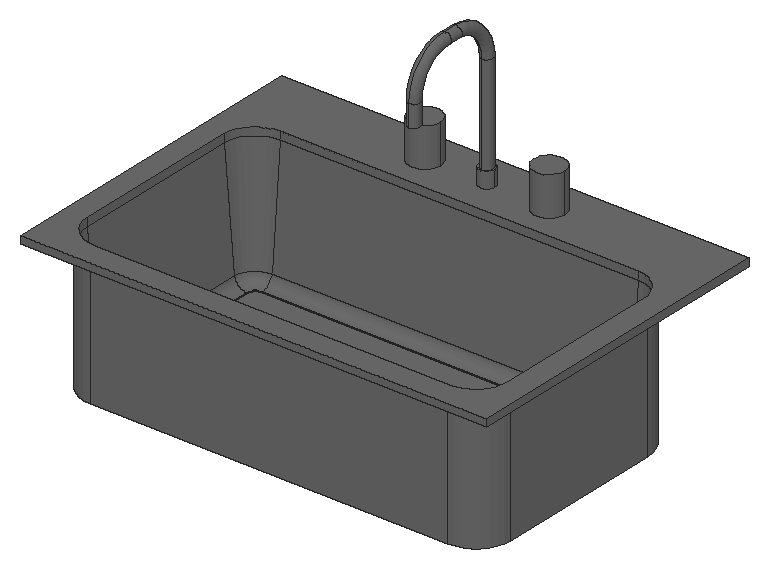
Revit family "d4e8507edf1f43c9aadaccae7ca72e8b", category Plumbing Fixtures, Revit 2021
Family settings
  Round Connector Dimension = Use Diameter
  Part Type = Normal
  OmniClass Number = 23.45.05.14.14
  OmniClass Title = Sinks/Lavatories
  Seek Item ID = Sink Kitchen-Single-0000-USA-ENU
  Work Plane-Based = No
  Always vertical = Yes
  Cut with Voids When Loaded = No
  Shared = Yes
  Room Calculation Point = No
Parameters (values of type "30" x 21"")
  Default Elevation = 0' - 0"
  Assembly Code = "D2010410"
  Counter Height = 3' - 0"
  Depth = 1' - 9"
  Faucet Material = Steel, Polished
  Sink Material = Steel, Polished
  Width = 2' - 6"
Reference planes (in)
  plane 1 "Center (Front/Back)": y = 0.09234
  plane 2: z = 0
  plane 3 "Center (Left/Right)": x = 0.61769
  plane 4: y = 10.59234
  plane 5: y = -10.40766
  plane 6: x = -14.38231
  plane 7: x = 15.61769
  plane 8 "Top Of Counter": z = 36
  plane 9: z = 36.5
  plane 10: z = 27.5
  plane 11: y = 6.09234
  plane 12: x = -12.88231
  plane 13: y = -8.90766
  plane 14: x = 14.11769
  plane 15: x = -3.38231
  plane 16: x = 4.61769
  plane 17: y = 8.34234
  plane 18: y = 8.34234
  plane 19: y = 8.34234
  plane 20: z = 46.375
  plane 21: y = 2.46734
  plane 22: z = 39
  plane 23: z = 37.5
Forms (in)
  Extrusion 1, solid, material "Steel, Polished" <- "Sink Material"
    sketch origin (0, 0, 0) x (1, 0, 0) y (0, 1, 0)
      loop
        line (-14.38231, 10.59234) -> (-14.38231, -10.40766) -> (15.61769, -10.40766) -> (15.61769, 10.59234) -> (-14.38231, 10.59234)
      loop
        arc (-10.88231, 6.09234) -> (-12.29653, 5.50655) -> (-12.88231, 4.09234) r 2
        line (-12.88231, 4.09234) -> (-12.88231, -6.90766)
        arc (-12.88231, -6.90766) -> (-12.29653, -8.32187) -> (-10.88231, -8.90766) r 2
        line (-10.88231, -8.90766) -> (12.11769, -8.90766)
        arc (12.11769, -8.90766) -> (13.5319, -8.32187) -> (14.11769, -6.90766) r 2
        line (14.11769, -6.90766) -> (14.11769, 4.09234)
        arc (14.11769, 4.09234) -> (13.5319, 5.50655) -> (12.11769, 6.09234) r 2
        line (12.11769, 6.09234) -> (-10.88231, 6.09234)
    from 36 to 36.5
  Sweep 2, solid, material "Steel, Polished" <- "Sink Material"
    path origin (0, 0, 0) x (1, 0, 0) y (0, 1, 0)
      loop
        arc (-10.88231, 6.09234) -> (-12.29653, 5.50655) -> (-12.88231, 4.09234) r 2
        line (-12.88231, 4.09234) -> (-12.88231, -6.90766)
        arc (-12.88231, -6.90766) -> (-12.29653, -8.32187) -> (-10.88231, -8.90766) r 2
        line (-10.88231, -8.90766) -> (12.11769, -8.90766)
        arc (12.11769, -8.90766) -> (13.5319, -8.32187) -> (14.11769, -6.90766) r 2
        line (14.11769, -6.90766) -> (14.11769, 4.09234)
        arc (14.11769, 4.09234) -> (13.5319, 5.50655) -> (12.11769, 6.09234) r 2
        line (12.11769, 6.09234) -> (-10.88231, 6.09234)
    profile origin (0.61769, 0, 0) x (0, 1, 0) y (0, 0, 1)
      loop
        line (6.09234, 36) -> (5.44139, 28.55963)
        arc (5.44139, 28.55963) -> (5.20094, 28.07204) -> (4.69424, 27.875) r 0.75
        line (4.69424, 27.875) -> (4.59234, 27.875) -> (4.59234, 27.5) -> (6.34234, 27.5) -> (6.34234, 36) -> (6.09234, 36)
  Extrusion 3, solid, material "Steel, Polished" <- "Sink Material"
    sketch origin (0, 0, 0) x (1, 0, 0) y (0, 1, 0)
      loop
        arc (-10.88231, 4.59234) -> (-11.23587, 4.44589) -> (-11.38231, 4.09234) r 0.5
        line (-11.38231, 4.09234) -> (-11.38231, -6.90766)
        arc (-11.38231, -6.90766) -> (-11.23587, -7.26121) -> (-10.88231, -7.40766) r 0.5
        line (-10.88231, -7.40766) -> (12.11769, -7.40766)
        arc (12.11769, -7.40766) -> (12.47124, -7.26121) -> (12.61769, -6.90766) r 0.5
        line (12.61769, -6.90766) -> (12.61769, 4.09234)
        arc (12.61769, 4.09234) -> (12.47124, 4.44589) -> (12.11769, 4.59234) r 0.5
        line (12.11769, 4.59234) -> (-10.88231, 4.59234)
      loop
        circle (0.61769, 0) r 1
    from 27.5 to 27.875
  Extrusion 4, solid, material "Steel, Polished" <- "Faucet Material"
    sketch origin (0, 0, 0) x (1, 0, 0) y (0, 1, 0)
      loop
        circle (-3.38231, 8.34234) r 1
      loop
        circle (4.61769, 8.34234) r 1
    from 36.5 to 39
  Sweep 5, solid, material "Steel, Polished" <- "Faucet Material"
    path origin (0.61769, 0, 0) x (0, 1, 0) y (0, 0, 1)
      loop
        line (8.34234, 36.5) -> (8.34234, 43.875)
        arc (8.34234, 43.875) -> (7.61011, 45.64277) -> (5.84234, 46.375) r 2.5
        line (5.84234, 46.375) -> (4.96734, 46.375)
        arc (4.96734, 46.375) -> (3.19957, 45.64277) -> (2.46734, 43.875) r 2.5
        line (2.46734, 43.875) -> (2.46734, 42.5)
    profile origin (0.61769, 0, 40.1875) x (0, -1, 0) y (1, 0, 0)
      loop
        circle (-8.34234, 0) r 0.375
  Extrusion 6, solid, material "Steel, Polished" <- "Faucet Material"
    sketch origin (0, 0, 0) x (1, 0, 0) y (0, 1, 0)
      loop
        circle (0.61769, 8.34234) r 0.5
    from 36.5 to 37.5
Cuts and joins
  joined: Sweep 5, Extrusion 6
  joined: Extrusion 1, Sweep 2
Lines and regions (in)
  Masking region 1
    outline origin (0, 0, 36) x (0, -1, 0) y (1, 0, 0)
      loop
        line (-10.59234, -14.38231) -> (10.40766, -14.38231) -> (10.40766, 15.61769) -> (-10.59234, 15.61769) -> (-10.59234, -14.38231)
  symbolic lines
    curve 1: arc (1.61769, 0, 36) -> (0.61769, 1, 36) -> (-0.38231, 0, 36) r 1
    curve 2: arc (-0.38231, 0, 36) -> (0.61769, -1, 36) -> (1.61769, 0, 36) r 1
    curve 3: line (-12.88231, 4.09234, 36) -> (-12.88231, -6.90766, 36)
    curve 4: line (-10.88231, -8.90766, 36) -> (12.11769, -8.90766, 36)
    curve 5: line (14.11769, -6.90766, 36) -> (14.11769, 4.09234, 36)
    curve 6: line (12.11769, 6.09234, 36) -> (1.11769, 6.09234, 36)
    curve 7: arc (14.11769, 4.09234, 36) -> (13.5319, 5.50655, 36) -> (12.11769, 6.09234, 36) r 2
    curve 8: arc (12.11769, -8.90766, 36) -> (13.5319, -8.32187, 36) -> (14.11769, -6.90766, 36) r 2
    curve 9: arc (-12.88231, -6.90766, 36) -> (-12.29653, -8.32187, 36) -> (-10.88231, -8.90766, 36) r 2
    curve 10: arc (-10.88231, 6.09234, 36) -> (-12.29653, 5.50655, 36) -> (-12.88231, 4.09234, 36) r 2
    curve 11: arc (1.11769, 8.34234, 36) -> (0.61769, 8.84234, 36) -> (0.11769, 8.34234, 36) r 0.5
    curve 12: line (0.11769, 8.34234, 36) -> (0.11769, 2.09234, 36)
    curve 13: line (1.11769, 8.34234, 36) -> (1.11769, 2.09234, 36)
    curve 14: arc (1.11769, 2.09234, 36) -> (0.61769, 1.59234, 36) -> (0.11769, 2.09234, 36) r 0.5
    curve 15: line (0.11769, 6.09234, 36) -> (-10.88231, 6.09234, 36)
    curve 16: arc (-2.38231, 8.34234, 36) -> (-3.38231, 9.34234, 36) -> (-4.38231, 8.34234, 36) r 1
    curve 17: arc (-4.38231, 8.34234, 36) -> (-3.38231, 7.34234, 36) -> (-2.38231, 8.34234, 36) r 1
    curve 18: arc (5.61769, 8.34234, 36) -> (4.61769, 9.34234, 36) -> (3.61769, 8.34234, 36) r 1
    curve 19: arc (3.61769, 8.34234, 36) -> (4.61769, 7.34234, 36) -> (5.61769, 8.34234, 36) r 1
Dimensions and locks (in)
  equal spacing: plane 6, plane 3 "Center (Left/Right)", plane 7
  "Width": plane 6 to plane 7
  equal spacing: plane 5, plane 1 "Center (Front/Back)", plane 4
  "Depth": plane 5 to plane 4
  "Counter Height": plane 8 "Top Of Counter" to plane 2
  locked: plane 9 to plane 8 "Top Of Counter" at 0.5
  locked: plane 8 "Top Of Counter" to plane 10 at 8.5
  locked: plane 6 to plane 12 at 1.5
  locked: plane 14 to plane 7 at 1.5
  locked: plane 11 to plane 4 at 4.5
  locked: plane 5 to plane 13 at 1.5
  equal spacing: plane 11, plane 17, plane 4
  equal spacing: plane 11, plane 18, plane 4
  equal spacing: plane 4, plane 19, plane 11
  locked: plane 19 to plane 21 at 5.875
  locked: plane 20 to plane 9 at 9.875
  locked: plane 22 to plane 9 at 2.5
  locked: plane 23 to plane 9 at 1
  locked: plane 15 to plane 3 "Center (Left/Right)" at 4
  locked: plane 3 "Center (Left/Right)" to plane 16 at 4
  aligned and locked: Extrusion 1 sketch curve to plane 5
  aligned and locked: plane 7 to Extrusion 1 sketch curve
  aligned and locked: plane 4 to Extrusion 1 sketch curve
  aligned and locked: Extrusion 1 sketch curve to plane 6
  aligned and locked: plane 8 "Top Of Counter" to Extrusion 1
  aligned and locked: Extrusion 1 to plane 9
  aligned and locked: plane 11 to Extrusion 1 sketch curve
  aligned and locked: plane 14 to Extrusion 1 sketch curve
  aligned and locked: Extrusion 1 sketch curve to plane 12
  aligned and locked: Extrusion 1 sketch curve to plane 13
  aligned and locked: plane 11 to Sweep 2 sketch curve
  aligned and locked: plane 14 to Sweep 2 sketch curve
  aligned and locked: Sweep 2 sketch curve to plane 12
  aligned and locked: Sweep 2 sketch curve to plane 13
  aligned and locked: Sweep 2 to Extrusion 3 sketch curve  (x4)
  aligned and locked: Sweep 2 to Extrusion 3
  aligned and locked: plane 10 to Extrusion 3
  aligned and locked: Sweep 2 sketch curve to plane 10
  aligned and locked: plane 8 "Top Of Counter" to Sweep 2 sketch curve
  aligned and locked: Extrusion 4 to Extrusion 1
  aligned and locked: Extrusion 6 to Extrusion 1
  aligned and locked: Sweep 5 sketch curve to plane 19
  aligned and locked: plane 20 to Sweep 5 sketch curve
  aligned and locked: plane 21 to Sweep 5 sketch curve
  aligned and locked: Extrusion 4 to plane 22
  aligned and locked: Extrusion 6 to plane 23
  aligned and locked: plane 4 to Masking region 1 sketch curve
  aligned and locked: Masking region 1 sketch curve to plane 6
  aligned and locked: Masking region 1 sketch curve to plane 5
  aligned and locked: plane 7 to Masking region 1 sketch curve
  aligned and locked: plane 15 to Extrusion 4 sketch curve
  aligned and locked: plane 17 to Extrusion 4 sketch curve  (x2)
  aligned and locked: plane 16 to Extrusion 4 sketch curve
  aligned and locked: curve 16 to Extrusion 4
  aligned and locked: curve 18 to Extrusion 4
Automatic sketch dimensions
  Sweep 2 sketch curve to plane 12 = 0' - 2"
  Sweep 2 sketch curve to Sweep 2 sketch curve = 0' - 2"
  plane 11 to Sweep 2 sketch curve = 0' - 2"
  plane 14 to Sweep 2 sketch curve = 0' - 2"
  Extrusion 1 sketch curve to plane 12 = 0' - 2"  (x2)
  plane 14 to Extrusion 1 sketch curve = 0' - 2"  (x2)
  Extrusion 3 sketch curve to plane 3 "Center (Left/Right)" = 0' - 0"
  Extrusion 3 sketch curve to Extrusion 3 sketch curve = 0' - 0 1/2"  (x4)
  plane 1 "Center (Front/Back)" to Extrusion 3 sketch curve = 0' - 0.09234"
  Extrusion 3 sketch curve to plane 3 "Center (Left/Right)" = 0' - 1"
  Sweep 2 sketch curve to profile plane = 0' - 0"
  profile plane to Sweep 2 sketch curve = 0' - 0.65095"
  Sweep 2 sketch curve to Sweep 2 sketch curve = 0' - 0.74715"
  Sweep 2 sketch curve to Sweep 2 sketch curve = 0' - 0.10191"
  Sweep 2 sketch curve to profile plane = 0' - 0 1/4"
  Sweep 2 sketch curve to Sweep 2 sketch curve = 0' - 0 3/8"
  Sweep 2 sketch curve to Sweep 2 sketch curve = 0' - 0.68463"
  plane 15 to Extrusion 4 sketch curve = 0' - 1"
  plane 16 to Extrusion 4 sketch curve = 0' - 1"
  Sweep 5 sketch curve to plane 3 "Center (Left/Right)" = 0' - 0"
  Sweep 5 sketch curve to profile plane = 0' - 0"
  profile plane to Sweep 5 sketch curve = 0' - 0 3/8"
  Extrusion 6 sketch curve to plane 18 = 0' - 0"
  Extrusion 6 sketch curve to plane 3 "Center (Left/Right)" = 0' - 0"
  Extrusion 6 sketch curve to plane 3 "Center (Left/Right)" = 0' - 0 1/2"
  Sweep 5 sketch curve to plane 9 = 0' - 0"
  Sweep 5 sketch curve to Sweep 5 sketch curve = 0' - 2 1/2"
  plane 11 to Sweep 5 sketch curve = 0' - 0 1/4"
  Sweep 5 sketch curve to Sweep 5 sketch curve = 0' - 1 3/8"
  curve 10 to plane 11 = 0' - 0"
  curve 6 to plane 11 = 0' - 0"
  curve 5 to plane 14 = 0' - 0"
  curve 3 to plane 12 = 0' - 0"
  curve 14 to plane 3 "Center (Left/Right)" = 0' - 0"
  curve 2 to plane 3 "Center (Left/Right)" = 0' - 0"
  curve 4 to plane 13 = 0' - 0"
  plane 4 to curve 11 = 0' - 2 1/4"
  plane 11 to curve 5 = 0' - 2"
  plane 11 to curve 10 = 0' - 2"
  curve 13 to plane 1 "Center (Front/Back)" = 0' - 2"
  plane 1 "Center (Front/Back)" to curve 2 = 0' - 0.09234"
  curve 9 to plane 13 = 0' - 2"
  curve 8 to curve 8 = 0' - 2"
  curve 1 to plane 3 "Center (Left/Right)" = 0' - 1"
  curve 15 to plane 3 "Center (Left/Right)" = 0' - 0 1/2"
